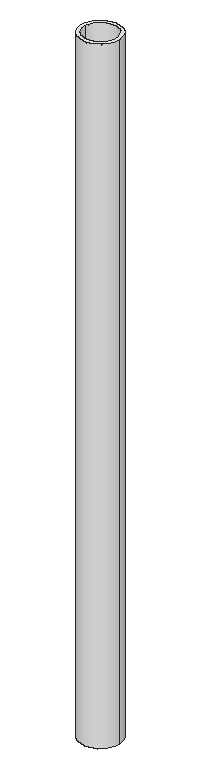
Revit family "M_HSS Redondo-Coluna", category Pilares estruturais, Revit 2019
Family settings
  Forma do corte = HSS redondo
  Material para o comportamento do modelo = Aço
  Exportar sempre como geometria = Não
  Redução da viga na planta = Da geometria
  Family Name Key = M_HSS Round-Column
  Nome do código = AISC 14.1
  Número OmniClass = 23.25.30.11.14.11
  Título OmniClass = Columns
  ID de item do Seek = HSS Round-Column-0000-CAN-ENU
  Corte com vazios quando carregada = Não
  Representação simbólica = Das configurações de projeto
  Compartilhado = Não
  Exibir o pré-corte da família na vista da planta = Sim
Parameters (values of type "HSS152.4X12.7")
  Espessura nominal da parede = 12.70 mm
  Espessura da parede do projeto = 11.80 mm
  Momento de inércia de torção = 26000000.00 mm4
  Módulo de torção = 341000.0 mm³
  Structural Material [instance] = Aço, 45-345
  Section Name Key = ""
  Área de corte = 5220.0 mm²
  Eixo fraco do módulo plástico = 234000.0 mm³
  Eixo forte do módulo plástico = 234000.0 mm³
  Peso nominal = 43.70 kgf/m
  Eixo fraco do momento de inércia = 13000000.00 mm4
  Eixo forte do momento de inércia = 13000000.00 mm4
  Eixo fraco do módulo de elasticidade = 170000.0 mm³
  Eixo forte do módulo de elasticidade = 170000.0 mm³
  Diâmetro = 152.00 mm
  Centróide vertical = Diâmetro / 2  # 76.00 mm
  Centróide horizontal = Diâmetro / 2  # 76.00 mm
  Assembly Code = ""
Reference planes
  plane 1 "Centro (Frente/Trás)": y = 0
  plane 2: z = 0
  plane 3 "Centro (Esquerda/Direita)": x = 0
  plane 4: x = -76
  plane 5: x = 76
  plane 6: y = 76
  plane 7: y = -76
  plane 8: x = -63.3
  plane 9: x = 63.3
Forms (mm)
  Extrusion 1, solid, material "Aço, 45-345" <- "Structural Material", detail levels medium+fine
    sketch origin (0, 0, 0) x (1, 0, 0) y (0, 1, 0)
      loop
        circle (0, 0) r 76
      loop
        circle (0, 0) r 63.3
    from 0 to 2500
Lines and regions (mm)
  symbolic lines, style "StructuralColumnStickSymbols", detail levels coarse
    curve 1: arc (-76, 0, 0) -> (0, -76, 0) -> (76, 0, 0) r 76
    curve 2: arc (76, 0, 0) -> (0, 76, 0) -> (-76, 0, 0) r 76
Dimensions and locks
  equal spacing: plane 4, plane 3 "Centro (Esquerda/Direita)", plane 5
  equal spacing: plane 7, plane 1 "Centro (Frente/Trás)", plane 6
  "Diâmetro": plane 7 to plane 6
  "Diâmetro": plane 4 to plane 5
  "Espessura nominal da parede": plane 4 to plane 8
  "Espessura nominal da parede": plane 9 to plane 5
  aligned and locked: level to Extrusion 1
  aligned and locked: level to plane 2
  aligned and locked: Extrusion 1 to plane 2
  aligned and locked: curve 1 to Extrusion 1
Automatic sketch dimensions
  Extrusion 1 sketch curve to Extrusion 1 sketch curve = 0.00 mm  (x2)
  plane 1 "Centro (Frente/Trás)" to Extrusion 1 sketch curve = 0.00 mm
  Extrusion 1 sketch curve to plane 4 = 0.00 mm
  Extrusion 1 sketch curve to plane 8 = 0.00 mm
  Extrusion 1 sketch curve to plane 3 "Centro (Esquerda/Direita)" = 0.00 mm
Types in the file's own list only (127): name | Espessura nominal da parede | Espessura da parede do projeto | Momento de inércia de torção | Módulo de torção | Chave do nome do corte | Área de corte | Eixo fraco do módulo plástico | Eixo forte do módulo plástico | Peso nominal | Eixo fraco do momento de inércia | Eixo forte do momento de inércia | Eixo fraco do módulo de elasticidade | Eixo forte do módulo de elasticidade | Diâmetro | Centróide vertical | Centróide horizontal
  HSS508X12.7 | 12.70 mm | 11.80 mm | 1130000000.00 mm4 | 4460000.0 mm³ | HSSRound 20x0.500 | 18400.0 mm² | 2900000.0 mm³ | 2900000.0 mm³ | 155.00 kgf/m | 566000000.00 mm4 | 566000000.00 mm4 | 2230000.0 mm³ | 2230000.0 mm³ | 508.00 mm | 254.00 mm | 254.00 mm
  HSS508X9.5 | 9.53 mm | 8.86 mm | 866000000.00 mm4 | 3410000.0 mm³ | HSSRound 20x0.375 | 13900.0 mm² | 2210000.0 mm³ | 2210000.0 mm³ | 117.00 kgf/m | 433000000.00 mm4 | 433000000.00 mm4 | 1700000.0 mm³ | 1700000.0 mm³ | 508.00 mm | 254.00 mm | 254.00 mm
  HSS457.2X12.7 | 12.70 mm | 11.80 mm | 820000000.00 mm4 | 3590000.0 mm³ | HSSRound 18x0.500 | 16500.0 mm² | 2340000.0 mm³ | 2340000.0 mm³ | 139.00 kgf/m | 410000000.00 mm4 | 410000000.00 mm4 | 1790000.0 mm³ | 1790000.0 mm³ | 457.00 mm | 228.50 mm | 228.50 mm
  HSS457.2X9.5 | 9.53 mm | 8.86 mm | 629000000.00 mm4 | 2750000.0 mm³ | HSSRound 18x0.375 | 12500.0 mm² | 1790000.0 mm³ | 1790000.0 mm³ | 105.00 kgf/m | 314000000.00 mm4 | 314000000.00 mm4 | 1370000.0 mm³ | 1370000.0 mm³ | 457.00 mm | 228.50 mm | 228.50 mm
  HSS406.4X15.9 | 15.90 mm | 14.80 mm | 699000000.00 mm4 | 3420000.0 mm³ | HSSRound 16x0.625 | 18100.0 mm² | 2260000.0 mm³ | 2260000.0 mm³ | 153.00 kgf/m | 349000000.00 mm4 | 349000000.00 mm4 | 1720000.0 mm³ | 1720000.0 mm³ | 406.00 mm | 203.00 mm | 203.00 mm
  HSS406.4X12.7 | 12.70 mm | 11.80 mm | 570000000.00 mm4 | 2800000.0 mm³ | HSSRound 16x0.500 | 14600.0 mm² | 1840000.0 mm³ | 1840000.0 mm³ | 123.00 kgf/m | 285000000.00 mm4 | 285000000.00 mm4 | 1400000.0 mm³ | 1400000.0 mm³ | 406.00 mm | 203.00 mm | 203.00 mm
  HSS406.4X11.1 | 11.10 mm | 10.30 mm | 504000000.00 mm4 | 2490000.0 mm³ | HSSRound 16x0.438 | 12800.0 mm² | 1620000.0 mm³ | 1620000.0 mm³ | 108.00 kgf/m | 252000000.00 mm4 | 252000000.00 mm4 | 1240000.0 mm³ | 1240000.0 mm³ | 406.00 mm | 203.00 mm | 203.00 mm
  HSS406.4X9.5 | 9.53 mm | 8.86 mm | 437000000.00 mm4 | 2150000.0 mm³ | HSSRound 16x0.375 | 11100.0 mm² | 1400000.0 mm³ | 1400000.0 mm³ | 93.20 kgf/m | 219000000.00 mm4 | 219000000.00 mm4 | 1080000.0 mm³ | 1080000.0 mm³ | 406.00 mm | 203.00 mm | 203.00 mm
  HSS406.4X7.9 | 7.94 mm | 7.39 mm | 369000000.00 mm4 | 1820000.0 mm³ | HSSRound 16x0.312 | 9290.0 mm² | 1180000.0 mm³ | 1180000.0 mm³ | 77.90 kgf/m | 184000000.00 mm4 | 184000000.00 mm4 | 908000.0 mm³ | 908000.0 mm³ | 406.00 mm | 203.00 mm | 203.00 mm
  HSS406.4X6.4 | 6.35 mm | 5.92 mm | 298000000.00 mm4 | 1470000.0 mm³ | HSSRound 16x0.250 | 7420.0 mm² | 949000.0 mm³ | 949000.0 mm³ | 62.60 kgf/m | 149000000.00 mm4 | 149000000.00 mm4 | 734000.0 mm³ | 734000.0 mm³ | 406.00 mm | 203.00 mm | 203.00 mm
  HSS355.6X15.9 | 15.90 mm | 14.80 mm | 458000000.00 mm4 | 2590000.0 mm³ | HSSRound 14x0.625 | 15800.0 mm² | 1720000.0 mm³ | 1720000.0 mm³ | 133.00 kgf/m | 230000000.00 mm4 | 230000000.00 mm4 | 1290000.0 mm³ | 1290000.0 mm³ | 356.00 mm | 178.00 mm | 178.00 mm
  HSS355.6X12.7 | 12.70 mm | 11.80 mm | 378000000.00 mm4 | 2130000.0 mm³ | HSSRound 14x0.500 | 12800.0 mm² | 1400000.0 mm³ | 1400000.0 mm³ | 107.00 kgf/m | 189000000.00 mm4 | 189000000.00 mm4 | 1060000.0 mm³ | 1060000.0 mm³ | 356.00 mm | 178.00 mm | 178.00 mm
  HSS355.6X9.5 | 9.53 mm | 8.86 mm | 291000000.00 mm4 | 1640000.0 mm³ | HSSRound 14x0.375 | 9680.0 mm² | 1070000.0 mm³ | 1070000.0 mm³ | 81.30 kgf/m | 145000000.00 mm4 | 145000000.00 mm4 | 816000.0 mm³ | 816000.0 mm³ | 356.00 mm | 178.00 mm | 178.00 mm
  HSS355.6X7.9 | 7.94 mm | 7.39 mm | 245000000.00 mm4 | 1380000.0 mm³ | HSSRound 14x0.312 | 8060.0 mm² | 896000.0 mm³ | 896000.0 mm³ | 67.90 kgf/m | 123000000.00 mm4 | 123000000.00 mm4 | 690000.0 mm³ | 690000.0 mm³ | 356.00 mm | 178.00 mm | 178.00 mm
  HSS355.6X6.4 | 6.35 mm | 5.92 mm | 199000000.00 mm4 | 1120000.0 mm³ | HSSRound 14x0.250 | 6520.0 mm² | 724000.0 mm³ | 724000.0 mm³ | 54.70 kgf/m | 99500000.00 mm4 | 99500000.00 mm4 | 559000.0 mm³ | 559000.0 mm³ | 356.00 mm | 178.00 mm | 178.00 mm
  HSS323.9X12.7 | 12.70 mm | 11.80 mm | 282000000.00 mm4 | 1740000.0 mm³ | HSSRound 12.750x0.500 | 11500.0 mm² | 1150000.0 mm³ | 1150000.0 mm³ | 97.40 kgf/m | 141000000.00 mm4 | 141000000.00 mm4 | 872000.0 mm³ | 872000.0 mm³ | 324.00 mm | 162.00 mm | 162.00 mm
  HSS323.9X9.5 | 9.53 mm | 8.86 mm | 218000000.00 mm4 | 1350000.0 mm³ | HSSRound 12.750x0.375 | 8770.0 mm² | 880000.0 mm³ | 880000.0 mm³ | 73.80 kgf/m | 109000000.00 mm4 | 109000000.00 mm4 | 672000.0 mm³ | 672000.0 mm³ | 324.00 mm | 162.00 mm | 162.00 mm
  HSS323.9X6.4 | 6.35 mm | 5.92 mm | 149000000.00 mm4 | 923000.0 mm³ | HSSRound 12.750x0.250 | 5910.0 mm² | 598000.0 mm³ | 598000.0 mm³ | 49.70 kgf/m | 74900000.00 mm4 | 74900000.00 mm4 | 462000.0 mm³ | 462000.0 mm³ | 324.00 mm | 162.00 mm | 162.00 mm
  HSS273.1X12.7 | 12.70 mm | 11.80 mm | 166000000.00 mm4 | 1210000.0 mm³ | HSSRound 10.750x0.500 | 9680.0 mm² | 806000.0 mm³ | 806000.0 mm³ | 81.50 kgf/m | 82800000.00 mm4 | 82800000.00 mm4 | 606000.0 mm³ | 606000.0 mm³ | 273.00 mm | 136.50 mm | 136.50 mm
  HSS273.1X9.5 | 9.53 mm | 8.86 mm | 129000000.00 mm4 | 941000.0 mm³ | HSSRound 10.750x0.375 | 7350.0 mm² | 619000.0 mm³ | 619000.0 mm³ | 61.90 kgf/m | 64100000.00 mm4 | 64100000.00 mm4 | 470000.0 mm³ | 470000.0 mm³ | 273.00 mm | 136.50 mm | 136.50 mm
  HSS273.1X6.4 | 6.35 mm | 5.92 mm | 88700000.00 mm4 | 649000.0 mm³ | HSSRound 10.750x0.250 | 4970.0 mm² | 423000.0 mm³ | 423000.0 mm³ | 41.80 kgf/m | 44100000.00 mm4 | 44100000.00 mm4 | 324000.0 mm³ | 324000.0 mm³ | 273.00 mm | 136.50 mm | 136.50 mm
  HSS254X15.9 | 15.90 mm | 14.80 mm | 159000000.00 mm4 | 1260000.0 mm³ | HSSRound 10x0.625 | 11100.0 mm² | 846000.0 mm³ | 846000.0 mm³ | 93.20 kgf/m | 79500000.00 mm4 | 79500000.00 mm4 | 628000.0 mm³ | 628000.0 mm³ | 254.00 mm | 127.00 mm | 127.00 mm
  HSS254X12.7 | 12.70 mm | 11.80 mm | 132000000.00 mm4 | 1040000.0 mm³ | HSSRound 10x0.500 | 8970.0 mm² | 693000.0 mm³ | 693000.0 mm³ | 75.60 kgf/m | 66200000.00 mm4 | 66200000.00 mm4 | 519000.0 mm³ | 519000.0 mm³ | 254.00 mm | 127.00 mm | 127.00 mm
  HSS254X9.5 | 9.53 mm | 8.86 mm | 103000000.00 mm4 | 808000.0 mm³ | HSSRound 10x0.375 | 6840.0 mm² | 533000.0 mm³ | 533000.0 mm³ | 57.40 kgf/m | 51200000.00 mm4 | 51200000.00 mm4 | 405000.0 mm³ | 405000.0 mm³ | 254.00 mm | 127.00 mm | 127.00 mm
  HSS254X7.9 | 7.94 mm | 7.39 mm | 87000000.00 mm4 | 687000.0 mm³ | HSSRound 10x0.312 | 5730.0 mm² | 449000.0 mm³ | 449000.0 mm³ | 48.10 kgf/m | 43700000.00 mm4 | 43700000.00 mm4 | 342000.0 mm³ | 342000.0 mm³ | 254.00 mm | 127.00 mm | 127.00 mm
  HSS254X6.4 | 6.35 mm | 5.92 mm | 71200000.00 mm4 | 559000.0 mm³ | HSSRound 10x0.250 | 4610.0 mm² | 364000.0 mm³ | 364000.0 mm³ | 38.80 kgf/m | 35500000.00 mm4 | 35500000.00 mm4 | 280000.0 mm³ | 280000.0 mm³ | 254.00 mm | 127.00 mm | 127.00 mm
  HSS254X4.8 | 4.78 mm | 4.42 mm | 54100000.00 mm4 | 424000.0 mm³ | HSSRound 10x0.188 | 3460.0 mm² | 275000.0 mm³ | 275000.0 mm³ | 29.30 kgf/m | 27000000.00 mm4 | 27000000.00 mm4 | 213000.0 mm³ | 213000.0 mm³ | 254.00 mm | 127.00 mm | 127.00 mm
  HSS244.5X12.7 | 12.70 mm | 11.80 mm | 117000000.00 mm4 | 959000.0 mm³ | HSSRound 9.625x0.500 | 8650.0 mm² | 639000.0 mm³ | 639000.0 mm³ | 72.60 kgf/m | 58700000.00 mm4 | 58700000.00 mm4 | 479000.0 mm³ | 479000.0 mm³ | 244.00 mm | 122.00 mm | 122.00 mm
  HSS244.5X9.5 | 9.53 mm | 8.86 mm | 91200000.00 mm4 | 746000.0 mm³ | HSSRound 9.625x0.375 | 6580.0 mm² | 492000.0 mm³ | 492000.0 mm³ | 55.20 kgf/m | 45800000.00 mm4 | 45800000.00 mm4 | 374000.0 mm³ | 374000.0 mm³ | 244.00 mm | 122.00 mm | 122.00 mm
  HSS244.5X7.9 | 7.94 mm | 7.39 mm | 77400000.00 mm4 | 634000.0 mm³ | HSSRound 9.625x0.312 | 5500.0 mm² | 416000.0 mm³ | 416000.0 mm³ | 46.20 kgf/m | 38700000.00 mm4 | 38700000.00 mm4 | 316000.0 mm³ | 316000.0 mm³ | 244.00 mm | 122.00 mm | 122.00 mm
  HSS244.5X6.4 | 6.35 mm | 5.92 mm | 63300000.00 mm4 | 516000.0 mm³ | HSSRound 9.625x0.250 | 4430.0 mm² | 338000.0 mm³ | 338000.0 mm³ | 37.30 kgf/m | 31600000.00 mm4 | 31600000.00 mm4 | 259000.0 mm³ | 259000.0 mm³ | 244.00 mm | 122.00 mm | 122.00 mm
  HSS244.5X4.8 | 4.78 mm | 4.42 mm | 47900000.00 mm4 | 393000.0 mm³ | HSSRound 9.625x0.188 | 3340.0 mm² | 254000.0 mm³ | 254000.0 mm³ | 28.20 kgf/m | 24000000.00 mm4 | 24000000.00 mm4 | 197000.0 mm³ | 197000.0 mm³ | 244.00 mm | 122.00 mm | 122.00 mm
  HSS219.1X15.9 | 15.90 mm | 14.80 mm | 99500000.00 mm4 | 908000.0 mm³ | HSSRound 8.625x0.625 | 9480.0 mm² | 618000.0 mm³ | 618000.0 mm³ | 79.50 kgf/m | 49500000.00 mm4 | 49500000.00 mm4 | 454000.0 mm³ | 454000.0 mm³ | 219.00 mm | 109.50 mm | 109.50 mm
  HSS219.1X12.7 | 12.70 mm | 11.80 mm | 82800000.00 mm4 | 757000.0 mm³ | HSSRound 8.625x0.500 | 7680.0 mm² | 508000.0 mm³ | 508000.0 mm³ | 64.60 kgf/m | 41600000.00 mm4 | 41600000.00 mm4 | 379000.0 mm³ | 379000.0 mm³ | 219.00 mm | 109.50 mm | 109.50 mm
  HSS219.1X9.5 | 9.53 mm | 8.86 mm | 64900000.00 mm4 | 592000.0 mm³ | HSSRound 8.625x0.375 | 5850.0 mm² | 392000.0 mm³ | 392000.0 mm³ | 49.20 kgf/m | 32400000.00 mm4 | 32400000.00 mm4 | 295000.0 mm³ | 295000.0 mm³ | 219.00 mm | 109.50 mm | 109.50 mm
  HSS219.1X8.2 | 8.18 mm | 7.62 mm | 56600000.00 mm4 | 518000.0 mm³ | HSSRound 8.625x0.322 | 5060.0 mm² | 341000.0 mm³ | 341000.0 mm³ | 42.50 kgf/m | 28300000.00 mm4 | 28300000.00 mm4 | 259000.0 mm³ | 259000.0 mm³ | 219.00 mm | 109.50 mm | 109.50 mm
  HSS219.1X6.4 | 6.35 mm | 5.92 mm | 45000000.00 mm4 | 411000.0 mm³ | HSSRound 8.625x0.250 | 3960.0 mm² | 269000.0 mm³ | 269000.0 mm³ | 33.30 kgf/m | 22500000.00 mm4 | 22500000.00 mm4 | 205000.0 mm³ | 205000.0 mm³ | 219.00 mm | 109.50 mm | 109.50 mm
  HSS219.1X4.8 | 4.78 mm | 4.42 mm | 34300000.00 mm4 | 313000.0 mm³ | HSSRound 8.625x0.188 | 2980.0 mm² | 203000.0 mm³ | 203000.0 mm³ | 25.20 kgf/m | 17200000.00 mm4 | 17200000.00 mm4 | 157000.0 mm³ | 157000.0 mm³ | 219.00 mm | 109.50 mm | 109.50 mm
  HSS193.7X9.5 | 9.53 mm | 8.86 mm | 44100000.00 mm4 | 456000.0 mm³ | HSSRound 7.625x0.375 | 5150.0 mm² | 303000.0 mm³ | 303000.0 mm³ | 43.20 kgf/m | 22000000.00 mm4 | 22000000.00 mm4 | 228000.0 mm³ | 228000.0 mm³ | 194.00 mm | 97.00 mm | 97.00 mm
  HSS193.7X8.3 | 8.33 mm | 7.75 mm | 39200000.00 mm4 | 405000.0 mm³ | HSSRound 7.625x0.328 | 4520.0 mm² | 269000.0 mm³ | 269000.0 mm³ | 38.10 kgf/m | 19600000.00 mm4 | 19600000.00 mm4 | 202000.0 mm³ | 202000.0 mm³ | 194.00 mm | 97.00 mm | 97.00 mm
  HSS190.5X12.7 | 12.70 mm | 11.80 mm | 53300000.00 mm4 | 559000.0 mm³ | HSSRound 7.500x0.500 | 6650.0 mm² | 377000.0 mm³ | 377000.0 mm³ | 55.70 kgf/m | 26600000.00 mm4 | 26600000.00 mm4 | 279000.0 mm³ | 279000.0 mm³ | 191.00 mm | 95.50 mm | 95.50 mm
  HSS190.5X9.5 | 9.53 mm | 8.86 mm | 41600000.00 mm4 | 439000.0 mm³ | HSSRound 7.500x0.375 | 5060.0 mm² | 293000.0 mm³ | 293000.0 mm³ | 42.50 kgf/m | 20900000.00 mm4 | 20900000.00 mm4 | 220000.0 mm³ | 220000.0 mm³ | 191.00 mm | 95.50 mm | 95.50 mm
  HSS190.5X7.9 | 7.94 mm | 7.39 mm | 35700000.00 mm4 | 375000.0 mm³ | HSSRound 7.500x0.312 | 4250.0 mm² | 247000.0 mm³ | 247000.0 mm³ | 35.70 kgf/m | 17900000.00 mm4 | 17900000.00 mm4 | 187000.0 mm³ | 187000.0 mm³ | 191.00 mm | 95.50 mm | 95.50 mm
  HSS190.5X6.4 | 6.35 mm | 5.92 mm | 29300000.00 mm4 | 306000.0 mm³ | HSSRound 7.500x0.250 | 3430.0 mm² | 202000.0 mm³ | 202000.0 mm³ | 28.80 kgf/m | 14700000.00 mm4 | 14700000.00 mm4 | 154000.0 mm³ | 154000.0 mm³ | 191.00 mm | 95.50 mm | 95.50 mm
  HSS190.5X4.8 | 4.78 mm | 4.42 mm | 22400000.00 mm4 | 234000.0 mm³ | HSSRound 7.500x0.188 | 2580.0 mm² | 153000.0 mm³ | 153000.0 mm³ | 21.90 kgf/m | 11200000.00 mm4 | 11200000.00 mm4 | 117000.0 mm³ | 117000.0 mm³ | 191.00 mm | 95.50 mm | 95.50 mm
  HSS177.8X12.7 | 12.70 mm | 11.80 mm | 42500000.00 mm4 | 480000.0 mm³ | HSSRound 7x0.500 | 6160.0 mm² | 326000.0 mm³ | 326000.0 mm³ | 51.70 kgf/m | 21300000.00 mm4 | 21300000.00 mm4 | 239000.0 mm³ | 239000.0 mm³ | 178.00 mm | 89.00 mm | 89.00 mm
  HSS177.8X9.5 | 9.53 mm | 8.86 mm | 33700000.00 mm4 | 379000.0 mm³ | HSSRound 7x0.375 | 4700.0 mm² | 254000.0 mm³ | 254000.0 mm³ | 39.50 kgf/m | 16800000.00 mm4 | 16800000.00 mm4 | 190000.0 mm³ | 190000.0 mm³ | 178.00 mm | 89.00 mm | 89.00 mm
  HSS177.8X7.9 | 7.94 mm | 7.39 mm | 28800000.00 mm4 | 324000.0 mm³ | HSSRound 7x0.312 | 3950.0 mm² | 215000.0 mm³ | 215000.0 mm³ | 33.20 kgf/m | 14400000.00 mm4 | 14400000.00 mm4 | 162000.0 mm³ | 162000.0 mm³ | 178.00 mm | 89.00 mm | 89.00 mm
  HSS177.8X6.4 | 6.35 mm | 5.92 mm | 23600000.00 mm4 | 265000.0 mm³ | HSSRound 7x0.250 | 3190.0 mm² | 175000.0 mm³ | 175000.0 mm³ | 26.80 kgf/m | 11800000.00 mm4 | 11800000.00 mm4 | 133000.0 mm³ | 133000.0 mm³ | 178.00 mm | 89.00 mm | 89.00 mm
  HSS177.8X4.8 | 4.78 mm | 4.42 mm | 18100000.00 mm4 | 203000.0 mm³ | HSSRound 7x0.188 | 2410.0 mm² | 133000.0 mm³ | 133000.0 mm³ | 20.40 kgf/m | 9030000.00 mm4 | 9030000.00 mm4 | 102000.0 mm³ | 102000.0 mm³ | 178.00 mm | 89.00 mm | 89.00 mm
  HSS177.8X3.2 | 3.18 mm | 2.95 mm | 12400000.00 mm4 | 139000.0 mm³ | HSSRound 7x0.125 | 1620.0 mm² | 90100.0 mm³ | 90100.0 mm³ | 13.70 kgf/m | 6200000.00 mm4 | 6200000.00 mm4 | 69600.0 mm³ | 69600.0 mm³ | 178.00 mm | 89.00 mm | 89.00 mm
  HSS174.6X12.7 | 12.70 mm | 11.80 mm | 40200000.00 mm4 | 460000.0 mm³ | HSSRound 6.875x0.500 | 6040.0 mm² | 313000.0 mm³ | 313000.0 mm³ | 50.70 kgf/m | 20100000.00 mm4 | 20100000.00 mm4 | 231000.0 mm³ | 231000.0 mm³ | 175.00 mm | 87.50 mm | 87.50 mm
  HSS174.6X9.5 | 9.53 mm | 8.86 mm | 31800000.00 mm4 | 364000.0 mm³ | HSSRound 6.875x0.375 | 4620.0 mm² | 244000.0 mm³ | 244000.0 mm³ | 38.80 kgf/m | 15900000.00 mm4 | 15900000.00 mm4 | 182000.0 mm³ | 182000.0 mm³ | 175.00 mm | 87.50 mm | 87.50 mm
  HSS174.6X7.9 | 7.94 mm | 7.39 mm | 27200000.00 mm4 | 311000.0 mm³ | HSSRound 6.875x0.312 | 3880.0 mm² | 206000.0 mm³ | 206000.0 mm³ | 32.60 kgf/m | 13600000.00 mm4 | 13600000.00 mm4 | 156000.0 mm³ | 156000.0 mm³ | 175.00 mm | 87.50 mm | 87.50 mm
  HSS174.6X6.4 | 6.35 mm | 5.92 mm | 22400000.00 mm4 | 256000.0 mm³ | HSSRound 6.875x0.250 | 3140.0 mm² | 169000.0 mm³ | 169000.0 mm³ | 26.30 kgf/m | 11200000.00 mm4 | 11200000.00 mm4 | 128000.0 mm³ | 128000.0 mm³ | 175.00 mm | 87.50 mm | 87.50 mm
  HSS174.6X4.8 | 4.78 mm | 4.42 mm | 17100000.00 mm4 | 197000.0 mm³ | HSSRound 6.875x0.188 | 2360.0 mm² | 128000.0 mm³ | 128000.0 mm³ | 20.00 kgf/m | 8570000.00 mm4 | 8570000.00 mm4 | 98200.0 mm³ | 98200.0 mm³ | 175.00 mm | 87.50 mm | 87.50 mm
  HSS168.3X12.7 | 12.70 mm | 11.80 mm | 35800000.00 mm4 | 424000.0 mm³ | HSSRound 6.625x0.500 | 5810.0 mm² | 290000.0 mm³ | 290000.0 mm³ | 48.70 kgf/m | 17900000.00 mm4 | 17900000.00 mm4 | 213000.0 mm³ | 213000.0 mm³ | 168.00 mm | 84.00 mm | 84.00 mm
  HSS168.3X11 | 11.10 mm | 10.20 mm | 31800000.00 mm4 | 379000.0 mm³ | HSSRound 6.625X0.432 | 5070.0 mm² | 256000.0 mm³ | 256000.0 mm³ | 42.60 kgf/m | 15900000.00 mm4 | 15900000.00 mm4 | 188000.0 mm³ | 188000.0 mm³ | 168.00 mm | 84.00 mm | 84.00 mm
  HSS168.3X9.5 | 9.53 mm | 8.86 mm | 28300000.00 mm4 | 336000.0 mm³ | HSSRound 6.625x0.375 | 4440.0 mm² | 226000.0 mm³ | 226000.0 mm³ | 37.30 kgf/m | 14200000.00 mm4 | 14200000.00 mm4 | 169000.0 mm³ | 169000.0 mm³ | 168.00 mm | 84.00 mm | 84.00 mm
  HSS168.3X7.9 | 7.94 mm | 7.39 mm | 24200000.00 mm4 | 288000.0 mm³ | HSSRound 6.625x0.312 | 3740.0 mm² | 192000.0 mm³ | 192000.0 mm³ | 31.30 kgf/m | 12100000.00 mm4 | 12100000.00 mm4 | 144000.0 mm³ | 144000.0 mm³ | 168.00 mm | 84.00 mm | 84.00 mm
  HSS168.3X7.1 | 7.11 mm | 6.60 mm | 21900000.00 mm4 | 261000.0 mm³ | HSSRound 6.625x0.280 | 3350.0 mm² | 172000.0 mm³ | 172000.0 mm³ | 28.30 kgf/m | 11000000.00 mm4 | 11000000.00 mm4 | 130000.0 mm³ | 130000.0 mm³ | 168.00 mm | 84.00 mm | 84.00 mm
  HSS168.3X6.4 | 6.35 mm | 5.92 mm | 19900000.00 mm4 | 236000.0 mm³ | HSSRound 6.625x0.250 | 3020.0 mm² | 156000.0 mm³ | 156000.0 mm³ | 25.40 kgf/m | 9950000.00 mm4 | 9950000.00 mm4 | 118000.0 mm³ | 118000.0 mm³ | 168.00 mm | 84.00 mm | 84.00 mm
  HSS168.3X4.8 | 4.78 mm | 4.42 mm | 15300000.00 mm4 | 182000.0 mm³ | HSSRound 6.625x0.188 | 2280.0 mm² | 119000.0 mm³ | 119000.0 mm³ | 19.20 kgf/m | 7660000.00 mm4 | 7660000.00 mm4 | 90800.0 mm³ | 90800.0 mm³ | 168.00 mm | 84.00 mm | 84.00 mm
  HSS168.3X3.2 | 3.18 mm | 2.95 mm | 10400000.00 mm4 | 124000.0 mm³ | HSSRound 6.625x0.125 | 1530.0 mm² | 80600.0 mm³ | 80600.0 mm³ | 12.90 kgf/m | 5240000.00 mm4 | 5240000.00 mm4 | 62100.0 mm³ | 62100.0 mm³ | 168.00 mm | 84.00 mm | 84.00 mm
  HSS152.4X9.5 | 9.53 mm | 8.86 mm | 20700000.00 mm4 | 272000.0 mm³ | HSSRound 6x0.375 | 4000.0 mm² | 184000.0 mm³ | 184000.0 mm³ | 33.60 kgf/m | 10300000.00 mm4 | 10300000.00 mm4 | 136000.0 mm³ | 136000.0 mm³ | 152.00 mm | 76.00 mm | 76.00 mm
  HSS152.4X7.9 | 7.94 mm | 7.39 mm | 17700000.00 mm4 | 233000.0 mm³ | HSSRound 6x0.312 | 3370.0 mm² | 156000.0 mm³ | 156000.0 mm³ | 28.20 kgf/m | 8870000.00 mm4 | 8870000.00 mm4 | 117000.0 mm³ | 117000.0 mm³ | 152.00 mm | 76.00 mm | 76.00 mm
  HSS152.4X7.1 | 7.11 mm | 6.60 mm | 16100000.00 mm4 | 211000.0 mm³ | HSSRound 6x0.280 | 3030.0 mm² | 140000.0 mm³ | 140000.0 mm³ | 25.50 kgf/m | 8030000.00 mm4 | 8030000.00 mm4 | 106000.0 mm³ | 106000.0 mm³ | 152.00 mm | 76.00 mm | 76.00 mm
  HSS152.4X6.4 | 6.35 mm | 5.92 mm | 14700000.00 mm4 | 192000.0 mm³ | HSSRound 6x0.250 | 2720.0 mm² | 127000.0 mm³ | 127000.0 mm³ | 22.90 kgf/m | 7330000.00 mm4 | 7330000.00 mm4 | 96000.0 mm³ | 96000.0 mm³ | 152.00 mm | 76.00 mm | 76.00 mm
  HSS152.4X4.8 | 4.78 mm | 4.42 mm | 11200000.00 mm4 | 148000.0 mm³ | HSSRound 6x0.188 | 2050.0 mm² | 96800.0 mm³ | 96800.0 mm³ | 17.40 kgf/m | 5620000.00 mm4 | 5620000.00 mm4 | 73900.0 mm³ | 73900.0 mm³ | 152.00 mm | 76.00 mm | 76.00 mm
  HSS152.4X3.2 | 3.18 mm | 2.95 mm | 7740000.00 mm4 | 101000.0 mm³ | HSSRound 6x0.125 | 1380.0 mm² | 65900.0 mm³ | 65900.0 mm³ | 11.70 kgf/m | 3860000.00 mm4 | 3860000.00 mm4 | 50600.0 mm³ | 50600.0 mm³ | 152.00 mm | 76.00 mm | 76.00 mm
  HSS141.3X12.7 | 12.70 mm | 11.80 mm | 20300000.00 mm4 | 287000.0 mm³ | HSSRound 5.563x0.500 | 4810.0 mm² | 198000.0 mm³ | 198000.0 mm³ | 40.30 kgf/m | 10200000.00 mm4 | 10200000.00 mm4 | 144000.0 mm³ | 144000.0 mm³ | 141.00 mm | 70.50 mm | 70.50 mm
  HSS141.3X9.5 | 9.53 mm | 8.86 mm | 16200000.00 mm4 | 229000.0 mm³ | HSSRound 5.563x0.375 | 3690.0 mm² | 156000.0 mm³ | 156000.0 mm³ | 30.90 kgf/m | 8120000.00 mm4 | 8120000.00 mm4 | 115000.0 mm³ | 115000.0 mm³ | 141.00 mm | 70.50 mm | 70.50 mm
  HSS141.3X6.6 | 6.55 mm | 6.10 mm | 11900000.00 mm4 | 167000.0 mm³ | HSSRound 5.563x0.258 | 2590.0 mm² | 111000.0 mm³ | 111000.0 mm³ | 21.80 kgf/m | 5910000.00 mm4 | 5910000.00 mm4 | 83900.0 mm³ | 83900.0 mm³ | 141.00 mm | 70.50 mm | 70.50 mm
  HSS141.3X4.8 | 4.78 mm | 4.42 mm | 8910000.00 mm4 | 126000.0 mm³ | HSSRound 5.563x0.188 | 1900.0 mm² | 82800.0 mm³ | 82800.0 mm³ | 16.10 kgf/m | 4450000.00 mm4 | 4450000.00 mm4 | 63100.0 mm³ | 63100.0 mm³ | 141.00 mm | 70.50 mm | 70.50 mm
  HSS141.3X3.4 | 3.40 mm | 3.15 mm | 6530000.00 mm4 | 92400.0 mm³ | HSSRound 5.563x0.134 | 1370.0 mm² | 60100.0 mm³ | 60100.0 mm³ | 11.60 kgf/m | 3260000.00 mm4 | 3260000.00 mm4 | 46200.0 mm³ | 46200.0 mm³ | 141.00 mm | 70.50 mm | 70.50 mm
  HSS139.7X12.7 | 12.70 mm | 11.80 mm | 19600000.00 mm4 | 280000.0 mm³ | HSSRound 5.500x0.500 | 4750.0 mm² | 193000.0 mm³ | 193000.0 mm³ | 39.80 kgf/m | 9780000.00 mm4 | 9780000.00 mm4 | 140000.0 mm³ | 140000.0 mm³ | 140.00 mm | 70.00 mm | 70.00 mm
  HSS139.7X9.5 | 9.53 mm | 8.86 mm | 15700000.00 mm4 | 225000.0 mm³ | HSSRound 5.500x0.375 | 3650.0 mm² | 152000.0 mm³ | 152000.0 mm³ | 30.60 kgf/m | 7830000.00 mm4 | 7830000.00 mm4 | 112000.0 mm³ | 112000.0 mm³ | 140.00 mm | 70.00 mm | 70.00 mm
  HSS139.7X6.6 | 6.55 mm | 6.10 mm | 11400000.00 mm4 | 164000.0 mm³ | HSSRound 5.500x0.258 | 2560.0 mm² | 109000.0 mm³ | 109000.0 mm³ | 21.50 kgf/m | 5700000.00 mm4 | 5700000.00 mm4 | 81900.0 mm³ | 81900.0 mm³ | 140.00 mm | 70.00 mm | 70.00 mm
  HSS127X12.7 | 12.70 mm | 11.80 mm | 14300000.00 mm4 | 226000.0 mm³ | HSSRound 5X0.500 | 4270.0 mm² | 157000.0 mm³ | 157000.0 mm³ | 35.80 kgf/m | 7160000.00 mm4 | 7160000.00 mm4 | 113000.0 mm³ | 113000.0 mm³ | 127.00 mm | 63.50 mm | 63.50 mm
  HSS127X9.5 | 9.53 mm | 8.86 mm | 11500000.00 mm4 | 182000.0 mm³ | HSSRound 5X0.375 | 3290.0 mm² | 124000.0 mm³ | 124000.0 mm³ | 27.60 kgf/m | 5790000.00 mm4 | 5790000.00 mm4 | 90900.0 mm³ | 90900.0 mm³ | 127.00 mm | 63.50 mm | 63.50 mm
  HSS127X7.9 | 7.94 mm | 7.39 mm | 9990000.00 mm4 | 157000.0 mm³ | HSSRound 5X0.312 | 2770.0 mm² | 106000.0 mm³ | 106000.0 mm³ | 23.30 kgf/m | 4990000.00 mm4 | 4990000.00 mm4 | 78500.0 mm³ | 78500.0 mm³ | 127.00 mm | 63.50 mm | 63.50 mm
  HSS127X6.6 | 6.55 mm | 6.10 mm | 8490000.00 mm4 | 134000.0 mm³ | HSSRound 5X0.258 | 2320.0 mm² | 89100.0 mm³ | 89100.0 mm³ | 19.50 kgf/m | 4250000.00 mm4 | 4250000.00 mm4 | 66900.0 mm³ | 66900.0 mm³ | 127.00 mm | 63.50 mm | 63.50 mm
  HSS127X6.4 | 6.35 mm | 5.92 mm | 8280000.00 mm4 | 130000.0 mm³ | HSSRound 5X0.250 | 2250.0 mm² | 86900.0 mm³ | 86900.0 mm³ | 18.90 kgf/m | 4140000.00 mm4 | 4140000.00 mm4 | 65100.0 mm³ | 65100.0 mm³ | 127.00 mm | 63.50 mm | 63.50 mm
  HSS127X4.8 | 4.78 mm | 4.42 mm | 6410000.00 mm4 | 101000.0 mm³ | HSSRound 5X0.188 | 1700.0 mm² | 66400.0 mm³ | 66400.0 mm³ | 14.40 kgf/m | 3200000.00 mm4 | 3200000.00 mm4 | 50500.0 mm³ | 50500.0 mm³ | 127.00 mm | 63.50 mm | 63.50 mm
  HSS127X3.2 | 3.18 mm | 2.95 mm | 4410000.00 mm4 | 69600.0 mm³ | HSSRound 5X0.125 | 1150.0 mm² | 45400.0 mm³ | 45400.0 mm³ | 9.69 kgf/m | 2210000.00 mm4 | 2210000.00 mm4 | 34700.0 mm³ | 34700.0 mm³ | 127.00 mm | 63.50 mm | 63.50 mm
  HSS114.3X9.5 | 9.53 mm | 8.86 mm | 8200000.00 mm4 | 144000.0 mm³ | HSSRound 4.500x0.375 | 2940.0 mm² | 98800.0 mm³ | 98800.0 mm³ | 24.60 kgf/m | 4110000.00 mm4 | 4110000.00 mm4 | 71900.0 mm³ | 71900.0 mm³ | 114.00 mm | 57.00 mm | 57.00 mm
  HSS114.3X8.6 | 8.56 mm | 7.95 mm | 7530000.00 mm4 | 132000.0 mm³ | HSSRound 4.500x0.337 | 2660.0 mm² | 90100.0 mm³ | 90100.0 mm³ | 22.30 kgf/m | 3780000.00 mm4 | 3780000.00 mm4 | 66000.0 mm³ | 66000.0 mm³ | 114.00 mm | 57.00 mm | 57.00 mm
  HSS114.3X6 | 6.02 mm | 5.59 mm | 5660000.00 mm4 | 99000.0 mm³ | HSSRound 4.500x0.237 | 1910.0 mm² | 66000.0 mm³ | 66000.0 mm³ | 16.10 kgf/m | 2830000.00 mm4 | 2830000.00 mm4 | 49500.0 mm³ | 49500.0 mm³ | 114.00 mm | 57.00 mm | 57.00 mm
  HSS114.3X4.8 | 4.78 mm | 4.42 mm | 4620000.00 mm4 | 80800.0 mm³ | HSSRound 4.500x0.188 | 1520.0 mm² | 53400.0 mm³ | 53400.0 mm³ | 12.90 kgf/m | 2310000.00 mm4 | 2310000.00 mm4 | 40300.0 mm³ | 40300.0 mm³ | 114.00 mm | 57.00 mm | 57.00 mm
  HSS114.3X3.2 | 3.18 mm | 2.95 mm | 3200000.00 mm4 | 55900.0 mm³ | HSSRound 4.500x0.125 | 1030.0 mm² | 36500.0 mm³ | 36500.0 mm³ | 8.70 kgf/m | 1600000.00 mm4 | 1600000.00 mm4 | 28000.0 mm³ | 28000.0 mm³ | 114.00 mm | 57.00 mm | 57.00 mm
  HSS101.6X8 | 7.94 mm | 7.39 mm | 4870000.00 mm4 | 96200.0 mm³ | HSSRound 4x0.313 | 2190.0 mm² | 65700.0 mm³ | 65700.0 mm³ | 18.40 kgf/m | 2440000.00 mm4 | 2440000.00 mm4 | 48000.0 mm³ | 48000.0 mm³ | 102.00 mm | 51.00 mm | 51.00 mm
  HSS101.6X6.4 | 6.35 mm | 5.92 mm | 4090000.00 mm4 | 80500.0 mm³ | HSSRound 4x0.250 | 1780.0 mm² | 54200.0 mm³ | 54200.0 mm³ | 14.90 kgf/m | 2040000.00 mm4 | 2040000.00 mm4 | 40100.0 mm³ | 40100.0 mm³ | 102.00 mm | 51.00 mm | 51.00 mm
  HSS101.6X6 | 6.02 mm | 5.59 mm | 3900000.00 mm4 | 76700.0 mm³ | HSSRound 4x0.237 | 1680.0 mm² | 51600.0 mm³ | 51600.0 mm³ | 14.20 kgf/m | 1950000.00 mm4 | 1950000.00 mm4 | 38300.0 mm³ | 38300.0 mm³ | 102.00 mm | 51.00 mm | 51.00 mm
  HSS101.6X5.7 | 5.74 mm | 5.33 mm | 3750000.00 mm4 | 73700.0 mm³ | HSSRound 4x0.226 | 1610.0 mm² | 49500.0 mm³ | 49500.0 mm³ | 13.60 kgf/m | 1870000.00 mm4 | 1870000.00 mm4 | 36900.0 mm³ | 36900.0 mm³ | 102.00 mm | 51.00 mm | 51.00 mm
  HSS101.6X5.6 | 5.59 mm | 5.21 mm | 3680000.00 mm4 | 72300.0 mm³ | HSSRound 4x0.220 | 1570.0 mm² | 48500.0 mm³ | 48500.0 mm³ | 13.20 kgf/m | 1840000.00 mm4 | 1840000.00 mm4 | 36200.0 mm³ | 36200.0 mm³ | 102.00 mm | 51.00 mm | 51.00 mm
  HSS101.6X4.8 | 4.78 mm | 4.42 mm | 3190000.00 mm4 | 62800.0 mm³ | HSSRound 4x0.188 | 1350.0 mm² | 41800.0 mm³ | 41800.0 mm³ | 11.40 kgf/m | 1590000.00 mm4 | 1590000.00 mm4 | 31500.0 mm³ | 31500.0 mm³ | 102.00 mm | 51.00 mm | 51.00 mm
  HSS101.6X3.2 | 3.18 mm | 2.95 mm | 2220000.00 mm4 | 43800.0 mm³ | HSSRound 4x0.125 | 916.0 mm² | 28700.0 mm³ | 28700.0 mm³ | 7.70 kgf/m | 1110000.00 mm4 | 1110000.00 mm4 | 22000.0 mm³ | 22000.0 mm³ | 102.00 mm | 51.00 mm | 51.00 mm
  HSS88.9X8 | 7.95 mm | 7.39 mm | 3170000.00 mm4 | 71300.0 mm³ | HSSRound 3.500x0.313 | 1890.0 mm² | 49200.0 mm³ | 49200.0 mm³ | 15.90 kgf/m | 1590000.00 mm4 | 1590000.00 mm4 | 35700.0 mm³ | 35700.0 mm³ | 88.90 mm | 44.45 mm | 44.45 mm
  HSS88.9X7.6 | 7.62 mm | 7.09 mm | 3070000.00 mm4 | 69200.0 mm³ | HSSRound 3.500x0.300 | 1820.0 mm² | 47500.0 mm³ | 47500.0 mm³ | 15.30 kgf/m | 1540000.00 mm4 | 1540000.00 mm4 | 34600.0 mm³ | 34600.0 mm³ | 88.90 mm | 44.45 mm | 44.45 mm
  HSS88.9X6.4 | 6.35 mm | 5.92 mm | 2670000.00 mm4 | 60000.0 mm³ | HSSRound 3.500x0.250 | 1540.0 mm² | 40800.0 mm³ | 40800.0 mm³ | 12.90 kgf/m | 1340000.00 mm4 | 1340000.00 mm4 | 30000.0 mm³ | 30000.0 mm³ | 88.90 mm | 44.45 mm | 44.45 mm
  HSS88.9X5.5 | 5.49 mm | 5.11 mm | 2370000.00 mm4 | 53300.0 mm³ | HSSRound 3.500x0.216 | 1340.0 mm² | 35900.0 mm³ | 35900.0 mm³ | 11.30 kgf/m | 1180000.00 mm4 | 1180000.00 mm4 | 26700.0 mm³ | 26700.0 mm³ | 88.90 mm | 44.45 mm | 44.45 mm
  HSS88.9X5.2 | 5.16 mm | 4.80 mm | 2250000.00 mm4 | 50600.0 mm³ | HSSRound 3.500x0.203 | 1270.0 mm² | 33900.0 mm³ | 33900.0 mm³ | 10.60 kgf/m | 1120000.00 mm4 | 1120000.00 mm4 | 25200.0 mm³ | 25200.0 mm³ | 88.90 mm | 44.45 mm | 44.45 mm
  HSS88.9X4.8 | 4.78 mm | 4.42 mm | 2100000.00 mm4 | 47200.0 mm³ | HSSRound 3.500x0.188 | 1170.0 mm² | 31600.0 mm³ | 31600.0 mm³ | 9.90 kgf/m | 1050000.00 mm4 | 1050000.00 mm4 | 23600.0 mm³ | 23600.0 mm³ | 88.90 mm | 44.45 mm | 44.45 mm
  HSS88.9X3.2 | 3.18 mm | 2.95 mm | 1470000.00 mm4 | 33100.0 mm³ | HSSRound 3.500x0.125 | 794.0 mm² | 21800.0 mm³ | 21800.0 mm³ | 6.71 kgf/m | 737000.00 mm4 | 737000.00 mm4 | 16600.0 mm³ | 16600.0 mm³ | 88.90 mm | 44.45 mm | 44.45 mm
  HSS76.2X6.4 | 6.35 mm | 5.92 mm | 1620000.00 mm4 | 42600.0 mm³ | HSSRound 3x0.250 | 1310.0 mm² | 29300.0 mm³ | 29300.0 mm³ | 10.90 kgf/m | 812000.00 mm4 | 812000.00 mm4 | 21300.0 mm³ | 21300.0 mm³ | 76.20 mm | 38.10 mm | 38.10 mm
  HSS76.2X5.5 | 5.49 mm | 5.11 mm | 1450000.00 mm4 | 38000.0 mm³ | HSSRound 3x0.216 | 1140.0 mm² | 25900.0 mm³ | 25900.0 mm³ | 9.57 kgf/m | 724000.00 mm4 | 724000.00 mm4 | 19000.0 mm³ | 19000.0 mm³ | 76.20 mm | 38.10 mm | 38.10 mm
  HSS76.2X5.2 | 5.16 mm | 4.80 mm | 1380000.00 mm4 | 36200.0 mm³ | HSSRound 3x0.203 | 1080.0 mm² | 24600.0 mm³ | 24600.0 mm³ | 9.03 kgf/m | 691000.00 mm4 | 691000.00 mm4 | 18000.0 mm³ | 18000.0 mm³ | 76.20 mm | 38.10 mm | 38.10 mm
  HSS76.2X4.8 | 4.78 mm | 4.42 mm | 1290000.00 mm4 | 33800.0 mm³ | HSSRound 3x0.188 | 994.0 mm² | 22800.0 mm³ | 22800.0 mm³ | 8.41 kgf/m | 645000.00 mm4 | 645000.00 mm4 | 16900.0 mm³ | 16900.0 mm³ | 76.20 mm | 38.10 mm | 38.10 mm
  HSS76.2X3.9 | 3.86 mm | 3.58 mm | 1080000.00 mm4 | 28300.0 mm³ | HSSRound 3x0.152 | 819.0 mm² | 18800.0 mm³ | 18800.0 mm³ | 6.89 kgf/m | 541000.00 mm4 | 541000.00 mm4 | 14200.0 mm³ | 14200.0 mm³ | 76.20 mm | 38.10 mm | 38.10 mm
  HSS76.2X3.4 | 3.40 mm | 3.15 mm | 966000.00 mm4 | 25400.0 mm³ | HSSRound 3x0.134 | 723.0 mm² | 16900.0 mm³ | 16900.0 mm³ | 6.11 kgf/m | 483000.00 mm4 | 483000.00 mm4 | 12700.0 mm³ | 12700.0 mm³ | 76.20 mm | 38.10 mm | 38.10 mm
  HSS76.2X3.2 | 3.18 mm | 2.95 mm | 912000.00 mm4 | 23900.0 mm³ | HSSRound 3x0.125 | 677.0 mm² | 15800.0 mm³ | 15800.0 mm³ | 5.72 kgf/m | 454000.00 mm4 | 454000.00 mm4 | 12000.0 mm³ | 12000.0 mm³ | 76.20 mm | 38.10 mm | 38.10 mm
  HSS73X6.4 | 6.35 mm | 5.92 mm | 1420000.00 mm4 | 38800.0 mm³ | HSSRound 2.875x0.250 | 1250.0 mm² | 26700.0 mm³ | 26700.0 mm³ | 10.40 kgf/m | 708000.00 mm4 | 708000.00 mm4 | 19300.0 mm³ | 19300.0 mm³ | 73.00 mm | 36.50 mm | 36.50 mm
  HSS73X5.2 | 5.16 mm | 4.80 mm | 1200000.00 mm4 | 32900.0 mm³ | HSSRound 2.875x0.203 | 1030.0 mm² | 22500.0 mm³ | 22500.0 mm³ | 8.63 kgf/m | 604000.00 mm4 | 604000.00 mm4 | 16600.0 mm³ | 16600.0 mm³ | 73.00 mm | 36.50 mm | 36.50 mm
  HSS73X4.8 | 4.78 mm | 4.42 mm | 1120000.00 mm4 | 30800.0 mm³ | HSSRound 2.875x0.188 | 955.0 mm² | 20800.0 mm³ | 20800.0 mm³ | 8.04 kgf/m | 562000.00 mm4 | 562000.00 mm4 | 15400.0 mm³ | 15400.0 mm³ | 73.00 mm | 36.50 mm | 36.50 mm
  HSS73X3.2 | 3.18 mm | 2.95 mm | 799000.00 mm4 | 21800.0 mm³ | HSSRound 2.875x0.125 | 652.0 mm² | 14500.0 mm³ | 14500.0 mm³ | 5.47 kgf/m | 399000.00 mm4 | 399000.00 mm4 | 10900.0 mm³ | 10900.0 mm³ | 73.00 mm | 36.50 mm | 36.50 mm
  HSS63.5X6.4 | 6.35 mm | 5.92 mm | 895000.00 mm4 | 28200.0 mm³ | HSSRound 2.500x0.250 | 1070.0 mm² | 19700.0 mm³ | 19700.0 mm³ | 8.95 kgf/m | 450000.00 mm4 | 450000.00 mm4 | 14100.0 mm³ | 14100.0 mm³ | 63.50 mm | 31.75 mm | 31.75 mm
  HSS63.5X4.8 | 4.78 mm | 4.42 mm | 720000.00 mm4 | 22600.0 mm³ | HSSRound 2.500x0.188 | 819.0 mm² | 15500.0 mm³ | 15500.0 mm³ | 6.91 kgf/m | 360000.00 mm4 | 360000.00 mm4 | 11300.0 mm³ | 11300.0 mm³ | 63.50 mm | 31.75 mm | 31.75 mm
  HSS63.5X3.2 | 3.18 mm | 2.95 mm | 516000.00 mm4 | 16200.0 mm³ | HSSRound 2.500x0.125 | 561.0 mm² | 10800.0 mm³ | 10800.0 mm³ | 4.72 kgf/m | 258000.00 mm4 | 258000.00 mm4 | 8110.0 mm³ | 8110.0 mm³ | 63.50 mm | 31.75 mm | 31.75 mm
  HSS60.3X6.4 | 6.35 mm | 5.92 mm | 758000.00 mm4 | 25100.0 mm³ | HSSRound 2.375x0.250 | 1010.0 mm² | 17500.0 mm³ | 17500.0 mm³ | 8.45 kgf/m | 379000.00 mm4 | 379000.00 mm4 | 12600.0 mm³ | 12600.0 mm³ | 60.30 mm | 30.15 mm | 30.15 mm
  HSS60.3X5.5 | 5.54 mm | 5.16 mm | 687000.00 mm4 | 22800.0 mm³ | HSSRound 2.375x0.218 | 897.0 mm² | 15700.0 mm³ | 15700.0 mm³ | 7.48 kgf/m | 343000.00 mm4 | 343000.00 mm4 | 11400.0 mm³ | 11400.0 mm³ | 60.30 mm | 30.15 mm | 30.15 mm
  HSS60.3X4.8 | 4.78 mm | 4.42 mm | 612000.00 mm4 | 20200.0 mm³ | HSSRound 2.375x0.188 | 774.0 mm² | 13800.0 mm³ | 13800.0 mm³ | 6.54 kgf/m | 305000.00 mm4 | 305000.00 mm4 | 10100.0 mm³ | 10100.0 mm³ | 60.30 mm | 30.15 mm | 30.15 mm
  HSS60.3X3.9 | 3.91 mm | 3.63 mm | 520000.00 mm4 | 17400.0 mm³ | HSSRound 2.375x0.154 | 645.0 mm² | 11700.0 mm³ | 11700.0 mm³ | 5.44 kgf/m | 261000.00 mm4 | 261000.00 mm4 | 8650.0 mm³ | 8650.0 mm³ | 60.30 mm | 30.15 mm | 30.15 mm
  HSS60.3X3.2 | 3.18 mm | 2.95 mm | 437000.00 mm4 | 14500.0 mm³ | HSSRound 2.375x0.125 | 531.0 mm² | 9700.0 mm³ | 9700.0 mm³ | 4.47 kgf/m | 219000.00 mm4 | 219000.00 mm4 | 7260.0 mm³ | 7260.0 mm³ | 60.30 mm | 30.15 mm | 30.15 mm
  HSS48.3X4.8 | 4.78 mm | 4.42 mm | 296000.00 mm4 | 12200.0 mm³ | HSSRound 1.900x0.188 | 608.0 mm² | 8520.0 mm³ | 8520.0 mm³ | 5.12 kgf/m | 148000.00 mm4 | 148000.00 mm4 | 6130.0 mm³ | 6130.0 mm³ | 48.30 mm | 24.15 mm | 24.15 mm
  HSS48.3X3.7 | 3.68 mm | 3.43 mm | 244000.00 mm4 | 10100.0 mm³ | HSSRound 1.900x0.145 | 483.0 mm² | 6900.0 mm³ | 6900.0 mm³ | 4.05 kgf/m | 122000.00 mm4 | 122000.00 mm4 | 5060.0 mm³ | 5060.0 mm³ | 48.30 mm | 24.15 mm | 24.15 mm
  HSS48.3X3.0 | 3.05 mm | 2.82 mm | 209000.00 mm4 | 8640.0 mm³ | HSSRound 1.900x0.120 | 403.0 mm² | 5830.0 mm³ | 5830.0 mm³ | 3.40 kgf/m | 104000.00 mm4 | 104000.00 mm4 | 4330.0 mm³ | 4330.0 mm³ | 48.30 mm | 24.15 mm | 24.15 mm
  HSS42.2X3.6 | 3.56 mm | 3.30 mm | 153000.00 mm4 | 7280.0 mm³ | HSSRound 1.660x0.140 | 403.0 mm² | 5000.0 mm³ | 5000.0 mm³ | 3.38 kgf/m | 76600.00 mm4 | 76600.00 mm4 | 3640.0 mm³ | 3640.0 mm³ | 42.20 mm | 21.10 mm | 21.10 mm
